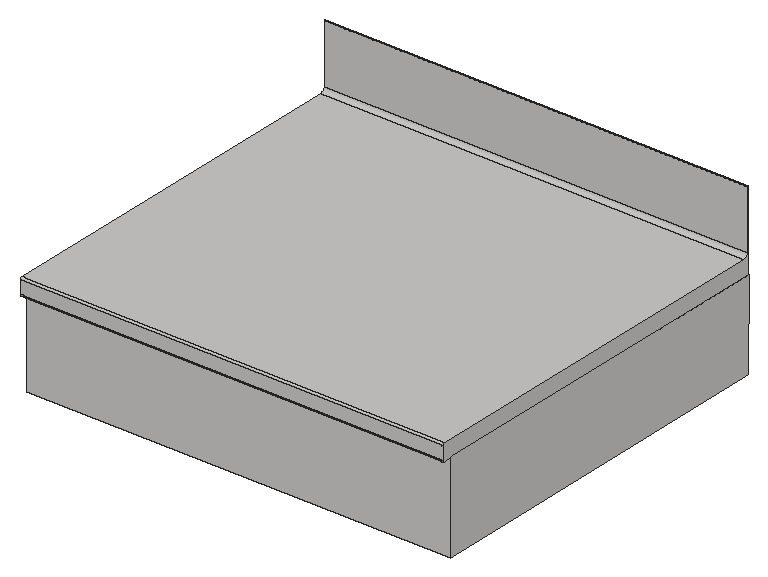
Revit family "QF_ELECTROLUXPROFESSIONAL_589940_HCNABBJOOM", category Specialty Equipment, Revit 2023
Family settings
  Round Connector Dimension = Use Diameter
  Part Type = Normal
  Work Plane-Based = No
  Enable Cutting in Views = No
  Always vertical = Yes
  Cut with Voids When Loaded = No
  Maintain Annotation Orientation = No
  Shared = No
  Room Calculation Point = No
Parameters
  Width [instance] = 1000.00 mm
  Weight in Pounds = 74.95
  Weight = 55.00 kg
  Watts = 0 W
  URL Manufacturer = "http://www.electroluxprofessional.com"
  URL Cutsheet = "www.electrolux.com/professional"
  URL = "http://www.electroluxprofessional.com"
  Type Mark [instance] = ""
  Status [instance] = ""
  Specification by User [instance] = ""
  Specification by Manufacturer = ""
  Serial Number = ""
  Seismic Rating = ""
  SMACNA No = ""
  Revision Code [instance] = ""
  Length Actual = 1000.00 mm
  Height Actual = 250.00 mm
  HP = "0 HP"
  Gas KW = 0
  Depth Actual = 900.00 mm
  Default Elevation = 0.00 mm
  Omniclass Number and Title = ""
  NAFEM Spec ID Number = ""
  Model = "HCNABBJOOM"
  Masterspec = ""
  Manufacturer = "Electrolux Professional"
  Item Number [instance] = "589940"
  Installed By [instance] = ""
  Identify Quantity as Lot [instance] = yes
  Furnished By [instance] = ""
  Foodservice Equipment Identifier [instance] = yes
  Direct Waste Size = 0"
  Description = "WORK TOP, CLOSED, 1-SIDE, SPLASHBACK, 100-1200X900X250H MARINE USPHS (ONLY M2M)"
  CSI MasterFormat = ""
  CSI Master Format = ""
  Accessory = no
Reference planes
  plane 1 "BACK": y = 0
  plane 2: z = 0
  plane 3 "LEFT": x = 0
  plane 4 "RIGHT": x = 1000
  plane 5 "FRONT": y = -900
  plane 6 "TOP": z = 900
  plane 7 "Center Y": x = 500
  plane 8 "Center X": y = -450
  plane 9 "BaseTop": z = 650
Forms (mm)
  Extrusion 1, solid, material "QF_Finishes_Stainless Steel"
    sketch origin (0, 50.048, 0) x (0, 1, 0) y (0, 0, 1)
      loop
        line (-50.048, 1050.031) -> (-52.048, 1050.031) -> (-52.048, 910.031)
        arc (-52.048, 910.031) -> (-54.977, 902.96) -> (-62.048, 900.031) r 10
        line (-62.048, 900.031) -> (-945.048, 900.031)
        arc (-945.048, 900.031) -> (-948.584, 898.566) -> (-950.048, 895.031) r 5
        line (-950.048, 895.031) -> (-950.048, 864.031)
        arc (-950.048, 864.031) -> (-948.619, 860.966) -> (-945.353, 860.091) r 4
        line (-945.353, 860.091) -> (-930.048, 863) -> (-50.048, 863) -> (-50.048, 1050.031)
    from 0 to 1000
  Extrusion 2, solid, material "QF_Clearances", detail levels coarse
    sketch origin (0, -900, 0) x (1, 0, 0) y (0, 0, 1)
      loop
        line (0, 650) -> (0, 630) -> (1000, 630) -> (1000, 650) -> (0, 650)
    from -20 to -70
  Extrusion 3, solid, material "QF_Finishes_Stainless Steel"
    sketch origin (0, 0, 650) x (-1, 0, 0) y (0, -1, 0)
      loop
        line (0, 0) -> (0, 880) -> (-1000, 880) -> (-1000, 0) -> (0, 0)
      loop
        line (-5, 875) -> (-995, 875) -> (-995, 5) -> (-5, 5) -> (-5, 875)
    from 0 to 213
  Extrusion 4, solid, material "QF_Finishes_Stainless Steel"
    sketch origin (0, 0, 650) x (-1, 0, 0) y (0, -1, 0)
      loop
        line (-5, 5) -> (-5, 875) -> (-995, 875) -> (-995, 5) -> (-5, 5)
    from 0 to 5
Cuts and joins
  joined: Extrusion 3, Extrusion 4
Lines and regions (mm)
  symbolic lines
    curve 1: line (0, 0, 0) -> (1000, 0, 0)
    curve 2: line (0, -900, 0) -> (0, 0, 0)
    curve 3: line (1000, -900, 0) -> (0, -900, 0)
    curve 4: line (1000, 0, 0) -> (1000, -900, 0)
Dimensions and locks
  equal spacing: plane 3 "LEFT", plane 7 "Center Y", plane 4 "RIGHT"
  "Width": plane 3 "LEFT" to plane 4 "RIGHT"
  equal spacing: plane 5 "FRONT", plane 8 "Center X", plane 1 "BACK"
  plane 5 "FRONT" to plane 1 "BACK" = 900.00 mm
  plane 6 "TOP" to level = 900.00 mm
  plane 9 "BaseTop" to level = 650.00 mm
  plane 3 "LEFT" to Extrusion 2 = 1000.00 mm
  locked: cut or joined group of Extrusion 3, Extrusion 4 to plane 4 "RIGHT" at 5
  aligned and locked: level to plane 2
  aligned and locked: Extrusion 1 to plane 4 "RIGHT"
Automatic sketch dimensions
  curve 3 to plane 3 "LEFT" = 0.00 mm
  curve 3 to plane 4 "RIGHT" = 0.00 mm
  plane 1 "BACK" to curve 2 = 0.00 mm
  curve 4 to plane 5 "FRONT" = 0.00 mm
  Extrusion 2 sketch curve to plane 6 "TOP" = 250.00 mm
  Extrusion 2 sketch curve to plane 3 "LEFT" = 0.00 mm
  plane 4 "RIGHT" to Extrusion 2 sketch curve = 0.00 mm
  Extrusion 2 sketch curve to plane 9 "BaseTop" = 20.00 mm
  plane 4 "RIGHT" to Extrusion 4 sketch curve = 5.00 mm
  plane 3 "LEFT" to Extrusion 4 sketch curve = 5.00 mm
  plane 1 "BACK" to Extrusion 4 sketch curve = 5.00 mm
  Extrusion 4 sketch curve to plane 5 "FRONT" = 25.00 mm
  Extrusion 1 sketch curve to plane 5 "FRONT" = 0.00 mm
  Extrusion 1 sketch curve to Extrusion 1 sketch curve = 4.00 mm
  Extrusion 1 sketch curve to Extrusion 1 sketch curve = 0.695 mm
  Extrusion 1 sketch curve to Extrusion 1 sketch curve = 5.00 mm
  Extrusion 1 sketch curve to Extrusion 1 sketch curve = 15.305 mm
  plane 1 "BACK" to Extrusion 1 sketch curve = 12.00 mm
  Extrusion 1 sketch curve to Extrusion 1 sketch curve = 10.00 mm
  Extrusion 1 sketch curve to Extrusion 1 sketch curve = 12.00 mm
  Extrusion 1 sketch curve to plane 6 "TOP" = 39.909 mm
  Extrusion 1 sketch curve to plane 6 "TOP" = 37.00 mm
  Extrusion 1 sketch curve to Extrusion 1 sketch curve = 31.00 mm
  plane 6 "TOP" to Extrusion 1 sketch curve = 150.031 mm
  plane 1 "BACK" to Extrusion 3 sketch curve = 0.00 mm
  Extrusion 3 sketch curve to plane 4 "RIGHT" = 0.00 mm
  Extrusion 3 sketch curve to plane 3 "LEFT" = 0.00 mm
  plane 4 "RIGHT" to Extrusion 3 sketch curve = 5.00 mm
  plane 3 "LEFT" to Extrusion 3 sketch curve = 5.00 mm
  plane 1 "BACK" to Extrusion 3 sketch curve = 5.00 mm
  Extrusion 3 sketch curve to plane 5 "FRONT" = 25.00 mm
  Extrusion 3 sketch curve to Extrusion 3 sketch curve = 5.00 mm
